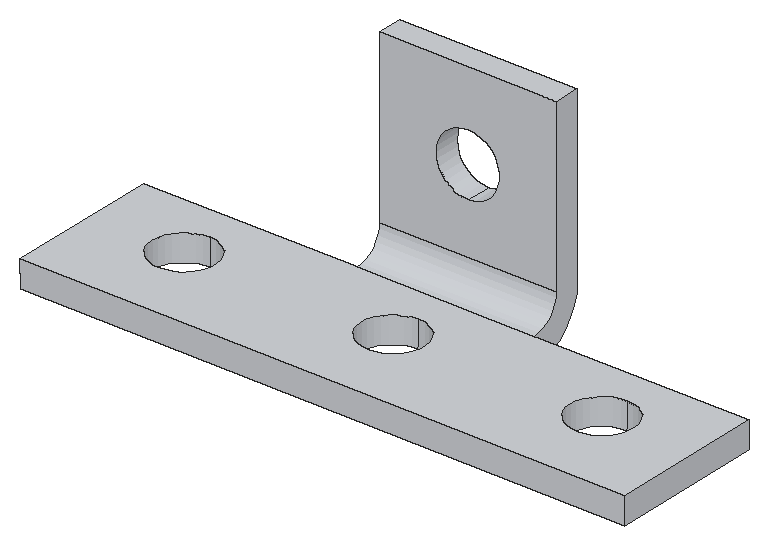
Revit family "Fitting-Ninety_Degree_Angle-Unistrut-P1033", category Specialty Equipment, Revit 2012
Parameters (values of type "P1033")
  ecoScorecard_data = "http://products.ecoscorecard.com/atkore/P1033"
  ecoScorecard Product Page = "http://products.ecoscorecard.com/atkore/P1033?action=html"
  Weight Per Piece = 0.80 lbf
  Unit = none
  Unistrut Part Number = "P1033"  # constant formula
  URL = "http://unistrut.us/index.php"
  Thickness = 1/4"  # constant formula
  Subcategory = "Nintey Degree Angle Fittings"  # constant formula
  Product Page URL = "http://unistrut.us/index.php?WP=cat_detail&S=S05&P=P1033"
  Part Type = "Fitting"  # constant formula
  Overall Width = 5 3/8"  # constant formula
  Overall Length = 1 5/8"  # constant formula
  Overall Height = 2"  # constant formula
  Model = "P1033"  # constant formula
  Material = ""
  Manufacturer Phone - Toll Free = "800-882-5543"  # constant formula
  Manufacturer Phone = "708-339-1610"  # constant formula
  Manufacturer Fax = "708-339-7814"  # constant formula
  Manufacturer Email = "mailto:jshaw@atkore.com"
  Manufacturer Address = "16100 South Lathrop Avenue, Harvey, IL 60426"  # constant formula
  Manufacturer = "Unistrut by Atkore International"  # constant formula
  Load Capacity Note = "Visit the product page for load application and capacity."  # constant formula
  Literature URL = "http://unistrut.us/index.php?WP=LItLibrary"
  Hole Diameter = 9/16"  # constant formula
  Cost Info = "mailto:jshaw@atkore.com"
  CAD URL = "http://unistrut.us/index.php?WP=CAD3d"
  Assembly Code = "D5020100"
  95 CSI = "16070"  # constant formula
  04 CSI = "26 05 48"  # constant formula
Reference planes (in)
  plane 1 "Center (Front/Back)": y = 0
  plane 2: z = 0
  plane 3 "Center (Left/Right)": x = 0
  plane 4: y = 0.8125
  plane 5: y = -0.8125
  plane 6: x = -2.6875
  plane 7: x = 2.6875
  plane 8: x = -1.85888
  plane 9: x = 1.85888
  plane 10: z = 1.22117
Dimensions and locks (in)
  "Overall Length": plane 5 to plane 4
  equal spacing: plane 5, plane 1 "Center (Front/Back)", plane 4
  "Overall Width": plane 6 to plane 7
  equal spacing: plane 6, plane 3 "Center (Left/Right)", plane 7
  "Overall Height": nested 1 to level
  aligned and locked: level to plane 2
  aligned and locked: plane 3 "Center (Left/Right)" to nested 1
  aligned and locked: plane 1 "Center (Front/Back)" to nested 1
Nested families (in)
  nested 1: "1033" at (0, 0, 0), type "1033"
Definition of nested family "1033"
  Parameters (values of type "1033")
    Unit = none
    URL = ""
    Manufacturer = ""
    Assembly Code = ""
  Reference planes (in)
    plane 1 "Center (Front/Back)": y = 0
    plane 2: z = 0
    plane 3 "Center (Left/Right)": x = 0
    plane 4: y = 0.8125
    plane 5: y = -0.8125
    plane 6: x = -2.6875
    plane 7: x = 2.6875
  Forms (in)
    Extrusion 1, solid, material <- "Unit"
      sketch origin (2.6875, 0, 1.00787) x (0, 1, 0) y (-1, 0, 0)
        loop
          line (0.56545, 5.375) -> (-0.8125, 5.375) -> (-0.8125, 0) -> (0.56545, 0) -> (0.56545, 5.375)
      from -1.00787 to -0.77165
    Extrusion 2, void
      sketch origin (2.6875, 0, 1.00787) x (0, 1, 0) y (-1, 0, 0)
        loop
          circle (-0.02669, 0.82862) r 0.28125
        loop
          circle (-0.02669, 4.54638) r 0.28125
        loop
          circle (-0.02669, 2.6875) r 0.28125
      from -1.00787 to -0.77165
    Extrusion 3, solid, material <- "Unit"
      sketch origin (2.71654, 0, 1.00787) x (0, 0, 1) y (0, 1, 0)
        loop
          line (0.99213, 1.03789) -> (-0.53543, 1.03789)
          arc (-0.53543, 1.03789) -> (-0.8695, 0.89952) -> (-1.00787, 0.56545) r 0.47244
          line (-1.00787, 0.56545) -> (-0.77165, 0.56545)
          arc (-0.77165, 0.56545) -> (-0.6993, 0.74014) -> (-0.52461, 0.8125) r 0.24705
          line (-0.52461, 0.8125) -> (0.99213, 0.8125) -> (0.99213, 1.03789)
      from 1.92913 to 3.50394
    Extrusion 4, void
      sketch origin (2.71654, 0, 1.00787) x (0, 0, 1) y (-1, 0, 0)
        loop
          circle (0.2133, 2.7195) r 0.28125
      from -1.03789 to -0.56545
  Cuts and joins
    Extrusion 2 cuts Extrusion 1
    Extrusion 4 cuts Extrusion 3
    joined: Extrusion 1, Extrusion 3
  Dimensions and locks (in)
    locked: plane 5 to plane 4 at 1.625
    equal spacing: plane 5, plane 1 "Center (Front/Back)", plane 4
    plane 6 to plane 7 = 5 3/8"
    equal spacing: plane 6, plane 3 "Center (Left/Right)", plane 7
    cut or joined group of Extrusion 1, Extrusion 2, Extrusion 3, Extrusion 4 to plane 2 = 2"
    aligned and locked: level to plane 2
    aligned and locked: Extrusion 1 to Extrusion 2
    aligned and locked: Extrusion 2 to level
    aligned and locked: Extrusion 4 to Extrusion 1
    aligned and locked: Extrusion 3 to Extrusion 4
  Automatic sketch dimensions
    plane 5 to Extrusion 1 sketch curve = 0"
    Extrusion 1 sketch curve to plane 7 = 0"
    Extrusion 1 sketch curve to plane 6 = 0"
    Extrusion 1 sketch curve to plane 4 = 0.24705"
    Extrusion 2 sketch curve to plane 3 "Center (Left/Right)" = 0"
    plane 1 "Center (Front/Back)" to Extrusion 2 sketch curve = 0.02669"  (x3)
    plane 7 to Extrusion 2 sketch curve = 0.82862"
    plane 6 to Extrusion 2 sketch curve = 0.82862"
    Extrusion 3 sketch curve to level = 0"
    Extrusion 3 sketch curve to plane 4 = 0"
    Extrusion 3 sketch curve to Extrusion 3 sketch curve = 0.23622"
    plane 4 to Extrusion 3 sketch curve = 0.22539"
    level to Extrusion 3 sketch curve = 0.47244"
    Extrusion 3 sketch curve to Extrusion 3 sketch curve = 1.51673"
    Extrusion 4 sketch curve to plane 3 "Center (Left/Right)" = 0.00297"
    level to Extrusion 4 sketch curve = 1.22117"
    radius of Extrusion 2 sketch curve = 9/32"  (x3)
    radius of Extrusion 4 sketch curve = 9/32"
